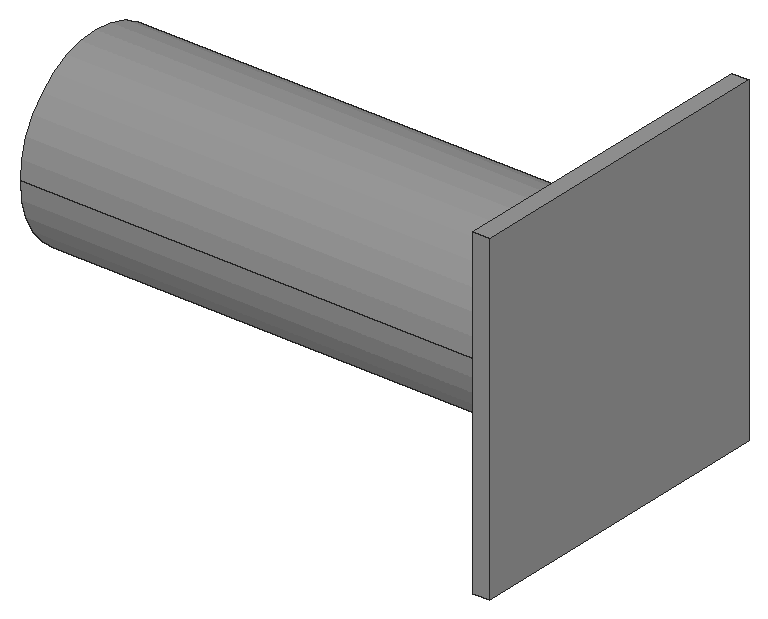
Revit family "Acoplador Formsaver", category Acopladores do vergalhão estrutural, Revit 2019
Family settings
  Com base no plano de trabalho = Não
  Sempre na vertical = Não
  Corte com vazios quando carregada = Não
  Compartilhado = Não
Parameters (values of type "FS25")
  Diâmetro externo = 35 mm
  Largura do símbolo = 49 mm
  Comprimento do símbolo = 135.8 mm
  Material = Aço
  Comprimento total = 97 mm
  P1 = 3 mm
  P2 = Largura do símbolo * 2  # 98 mm
  P3 = 60 mm
  Tratamento de extremidade 2 = Rosqueado
  Tratamento da extremidade 1 = Rosqueado
  Tamanho da barra 2 = 25 CA-25
  Tamanho da barra 1 = 25 CA-25
  Engate da barra 2 = 40 mm
  Engate da barra 1 = 40 mm
Types (6, lengths in mm): name | Diâmetro externo | Largura do símbolo | Comprimento do símbolo | Comprimento total | P2 | P3 | Tamanho da barra 2 | Tamanho da barra 1 | Engate da barra 2 | Engate da barra 1
  FS12.5 | 22 | 33 | 84 | 56 | 66 | 60 | 12.5 CA-25 | 12.5 CA-25 | 21 mm | 21 mm
  FS16 | 22 | 33 | 91.5 | 61 | 66 | 60 | 16 CA-25 | 16 CA-25 | 24 mm | 24 mm
  FS20 | 27 | 37.8 | 121.8 | 87 | 75.6 | 60 | 20 CA-25 | 20 CA-25 | 35 mm | 35 mm
  FS22 | 30 | 42 | 127.4 | 91 | 84 | 60 | 22 CA-25 | 22 CA-25 | 37 mm | 37 mm
  FS25 | 35 | 49 | 135.8 | 97 | 98 | 60 | 25 CA-25 | 25 CA-25 | 40 mm | 40 mm
  FS32 | 45 | 58.5 | 140.4 | 108 | 117 | 65 | 32 CA-25 | 32 CA-25 | 45 mm | 45 mm
Reference planes
  plane 1: y = 0
  plane 2: z = 0
  plane 3: x = 0
  plane 4: y = 24.5
  plane 5: y = -24.5
  plane 6: x = -48.5
  plane 7: x = 48.5
  plane 8: x = 45.5
  plane 9: x = 67.9
  plane 10: x = -67.9
  plane 11: x = 64.9
  plane 12: y = 49
  plane 13: y = -49
  plane 14: z = 30
  plane 15: z = -30
  plane 16: y = 30
  plane 17: y = -30
Forms (mm)
  Extrusion 1, solid, material "Aço" <- "Material"
    sketch origin (-48.5, 75, 1200) x (0, 1, 0) y (0, 0, 1)
      loop
        circle (-75, -1200) r 17.5
    from 0 to 97
  Extrusion 2, solid, material "Aço" <- "Material"
    sketch origin (-48.5, 75, 1200) x (0, 1, 0) y (0, 0, 1)
      loop
        line (-45, -1230) -> (-45, -1170) -> (-105, -1170) -> (-105, -1230) -> (-45, -1230)
    from 97 to 94
Cuts and joins
  joined: Extrusion 1, Extrusion 2
Lines and regions (mm)
  reference lines
    curve 1: circle (-48.5, 0, 0) r 17.5 normal (1, 0, 0)
  symbolic lines
    curve 2: line (64.9, 24.5, 0) -> (-67.9, 24.5, 0)
    curve 3: line (67.9, -49, 0) -> (67.9, 49, 0)
    curve 4: line (-67.9, -24.5, 0) -> (64.9, -24.5, 0)
    curve 5: line (-67.9, 24.5, 0) -> (-67.9, -24.5, 0)
    curve 6: line (67.9, 49, 0) -> (64.9, 49, 0)
    curve 7: line (64.9, 49, 0) -> (64.9, 24.5, 0)
    curve 8: line (64.9, -49, 0) -> (67.9, -49, 0)
    curve 9: line (64.9, -24.5, 0) -> (64.9, -49, 0)
Text (mm)
  text "Barra 1" at (-290.494, 8.209, 0), in view "Base"
  text "Barra 2" at (258.76, 8.209, 0), in view "Base"
Dimensions and locks
  "Comprimento total": plane 6 to plane 7
  equal spacing: plane 6, plane 3, plane 7
  "Largura do símbolo": plane 4 to plane 5
  equal spacing: plane 4, plane 1, plane 5
  "P1": plane 8 to plane 7
  "Comprimento do símbolo": plane 9 to plane 10
  equal spacing: plane 9, plane 3, plane 10
  "P1": plane 9 to plane 11
  "P2": plane 13 to plane 12
  equal spacing: plane 13, plane 1, plane 12
  equal spacing: plane 14, level, plane 15
  "P3": plane 14 to plane 15
  equal spacing: plane 16, plane 1, plane 17
  "P3": plane 16 to plane 17
  "Diâmetro externo": diameter of curve 1
  aligned and locked: Extrusion 1 sketch curve to curve 1
  aligned and locked: plane 7 to Extrusion 1
  aligned and locked: plane 8 to Extrusion 2
  aligned and locked: curve 3 to plane 9
  aligned and locked: plane 10 to curve 5
  aligned and locked: plane 11 to curve 7
  aligned and locked: plane 7 to cut or joined group of Extrusion 1, Extrusion 2
  aligned and locked: cut or joined group of Extrusion 1, Extrusion 2 to plane 6
  aligned and locked: curve 6 to plane 12
  aligned and locked: plane 13 to curve 8
  aligned and locked: plane 16 to Extrusion 2 sketch curve
  aligned and locked: Extrusion 2 sketch curve to plane 14
  aligned and locked: Extrusion 2 sketch curve to plane 17
  aligned and locked: plane 15 to Extrusion 2 sketch curve
Automatic sketch dimensions
  curve 1 to level = 0 mm
  curve 1 to plane 1 = 0 mm
  curve 4 to plane 5 = 0 mm
  curve 4 to plane 11 = 0 mm
  curve 2 to plane 4 = 0 mm
